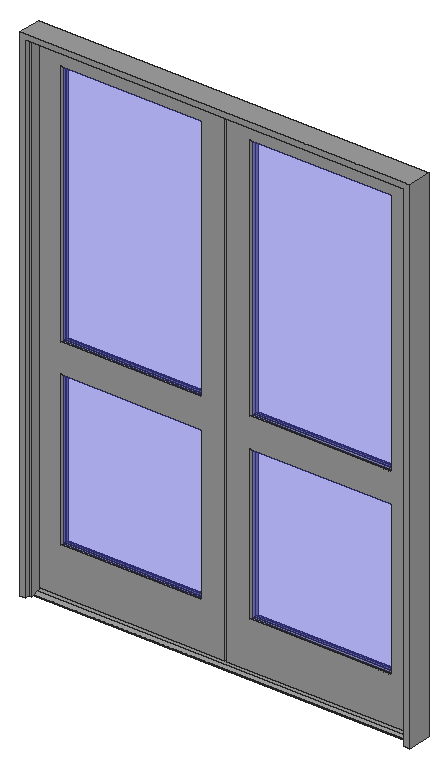
Revit family "MS-375 DOOR-Double-1-CW_v04", category Curtain Panels, Revit 2015
Parameters
  Width [instance] = 6' - 2"
  URL = "obe.com"
  Rough Width [instance] = 6' - 0"
  Panel Width [instance] = Min Panel Width  # 6' - 0"
  Panel Offset [instance] = 0' - 0"
  Offset [instance] = 0' - 0"
  Model = "MS-375 DOOR"
  Min Rough Width [instance] = if(Rough Width > 6' 1 255/256", Rough Width, 6' 2")  # 6' - 2"
  Min Panel Width [instance] = if(Rough Width > 6' 1 255/256", Rough Width - 0' 2", 6' 0")  # 6' - 0"
  Manufacturer = "Oldcastle BuildingEnvelope®"
  Keynote = "08 11 00"
  Hinge [instance] = yes
  Height [instance] = 8' - 0"
  Pushbar Height [instance] = 3' - 5 1/4"  # constant formula
  Glass Material = Glass
  Frame Material = Aluminum
  Door Panel Height [instance] = Height - 0' 0 5/8"  # 7' - 11 3/8"
  Description = "MS-375 - 1\" Door Infill"
  Assembly Code = "B2030"
  Analytic Construction = "<None>"
  8 Muntin [instance] = no
  6.5 Muntin [instance] = no
  10 Bottom Rail [instance] = not([8 Bottom Rail])  # no
  4 Muntin [instance] = yes
  8 Bottom Rail [instance] = yes
  1.875 Muntin [instance] = no
  0.5 Muntin [instance] = if(or([1.875 Muntin], [4 Muntin], [6.5 Muntin], [8 Muntin]), 1 = 2, 1 = 1)  # no
Reference planes (in)
  plane 1 "Front": y = 0
  plane 2: z = 0
  plane 3 "Center (Left/Right)": x = 0
  plane 4 "Left": x = -37
  plane 5 "Right": x = 37
  plane 6 "Top": z = 96
  plane 7 "Offset": y = 0
  plane 8: y = -1.28244
  plane 9: y = -1.28244
  plane 10: x = -37
  plane 11: x = 37
Forms (in)
  Sweep 1, solid, material "Aluminum" <- "Frame Material"
    path origin (0, 0, 0) x (-1, 0, 0) y (0, 0, 1)
      loop
        line (37, 0) -> (37, 96)
    profile origin (-37, 0, 48) x (1, 0, 0) y (0, 1, 0)
      loop
        line (1, -1.97) -> (1, 0) -> (0, 0) -> (0, -4.5) -> (1, -4.5) -> (1, -3.595) -> (1.5, -3.595) -> (1.5, -1.97) -> (1, -1.97)
  Sweep 2, solid, material "Aluminum" <- "Frame Material"
    path origin (0, 0, 0) x (-1, 0, 0) y (0, 0, 1)
      loop
        line (-37, 0) -> (-37, 96)
    profile origin (37, 0, 48) x (1, 0, 0) y (0, 1, 0)
      loop
        line (-1, -1.97) -> (-1.5, -1.97) -> (-1.5, -3.595) -> (-1, -3.595) -> (-1, -4.5) -> (0, -4.5) -> (0, 0) -> (-1, 0) -> (-1, -1.97)
  Extrusion 3, solid, material "Aluminum" <- "Frame Material"
    sketch origin (-37, 0, 0) x (0, -1, 0) y (0, 0, 1)
      loop
        line (1.97, 94.5) -> (3.595, 94.5) -> (3.595, 95) -> (4.5, 95) -> (4.5, 96) -> (0, 96) -> (0, 95) -> (1.97, 95) -> (1.97, 94.5)
    from -74 to 0
Cuts and joins
  joined: Sweep 1, Sweep 2, Extrusion 3
Text (in)
  text "Exterior" at (-54.29358, 31.38743, 0), in view "Ref. Level"
  text "Exterior" at (480, 41.53993, 89.60405), in view "Right"
  text "Exterior" at (-240, 57.82419, 105.78864), in view "Left"
Dimensions and locks (in)
  equal spacing: plane 4 "Left", plane 3 "Center (Left/Right)", plane 5 "Right"
  "Width": plane 4 "Left" to plane 5 "Right"
  "Height": plane 6 "Top" to plane 2
  "Offset": plane 1 "Front" to plane 7 "Offset"
  locked: plane 7 "Offset" to plane 8 at 1.28244
  locked: plane 7 "Offset" to plane 9 at 1.28244
  locked: plane 7 "Offset" to nested 4 at 1.28244
  Extrusion 3 sketch curve to Extrusion 3 sketch curve to Extrusion 3 sketch curve = 0' - 0 1/2" locked, 0' - 0" locked
  nested 1 to Extrusion 3 sketch curve to Extrusion 3 sketch curve to Extrusion 3 sketch curve to Extrusion 3 sketch curve = 0' - 0" locked, 0' - 1.97" locked, 0' - 1 5/8" locked, 0' - 0.905" locked
  locked: Extrusion 3 sketch curve to Extrusion 3 sketch curve at 1
  equal spacing: plane 10, plane 3 "Center (Left/Right)", plane 11
  "Min Rough Width": plane 10 to plane 11
  aligned and locked: level to plane 2
  aligned and locked: plane 3 "Center (Left/Right)" to nested 1
  aligned and locked: nested 1 to plane 7 "Offset"
  aligned and locked: nested 2 to plane 8
  aligned and locked: plane 9 to nested 3
  aligned and locked: plane 6 "Top" to Sweep 1 sketch curve
  aligned and locked: level to Sweep 1 sketch curve
  aligned and locked: plane 6 "Top" to Sweep 2 sketch curve
  aligned and locked: level to Sweep 2 sketch curve
  aligned and locked: plane 6 "Top" to nested 4
  aligned and locked: Extrusion 3 to plane 6 "Top"
  aligned and locked: Extrusion 3 sketch curve to plane 6 "Top"
  aligned and locked: nested 3 to plane 10
  aligned and locked: plane 11 to nested 2
  aligned and locked: Sweep 1 sketch curve to plane 10
  aligned and locked: plane 11 to Sweep 2 sketch curve
  aligned and locked: cut or joined group of Sweep 1, Sweep 2, Extrusion 3 to plane 11
  aligned and locked: cut or joined group of Sweep 1, Sweep 2, Extrusion 3 to plane 10
Automatic sketch dimensions
  Sweep 1 sketch curve to profile plane = 0' - 0"
  Sweep 1 sketch curve to plane 7 "Offset" = 0' - 0"
  Sweep 1 sketch curve to profile plane = 0' - 1"  (x2)
  Sweep 1 sketch curve to Sweep 1 sketch curve = 0' - 0 1/2"
  Sweep 1 sketch curve to plane 7 "Offset" = 0' - 1.97"
  Sweep 1 sketch curve to Sweep 1 sketch curve = 0' - 1 5/8"
  Sweep 1 sketch curve to Sweep 1 sketch curve = 0' - 0.905"
  Sweep 2 sketch curve to plane 7 "Offset" = 0' - 0"
  Sweep 2 sketch curve to profile plane = 0' - 0"
  profile plane to Sweep 2 sketch curve = 0' - 1"  (x2)
  Sweep 2 sketch curve to Sweep 2 sketch curve = 0' - 0 1/2"
  Sweep 2 sketch curve to plane 7 "Offset" = 0' - 1.97"
  Sweep 2 sketch curve to Sweep 2 sketch curve = 0' - 1 5/8"
  Sweep 2 sketch curve to Sweep 2 sketch curve = 0' - 0.905"
Nested families (in)
  nested 1: "MS-375 DOOR-Double-1-Panel_v03" at (0, -16, 0), Frame Material <- "Frame Material", Glass Material <- "Glass Material", 0.5 Muntin <- "0.5 Muntin", 1.875 Muntin <- "1.875 Muntin", 4 Muntin <- "4 Muntin", 6.5 Muntin <- "6.5 Muntin", 8 Muntin <- "8 Muntin", Hinge <- "Hinge", Height <- "Door Panel Height", Width <- "Min Panel Width", 8 Bottom Rail <- "8 Bottom Rail", Offset <- "Panel Offset", type "MS-375 DOOR-Double-1-Panel"
    with Wing Width 3' - 0", built-in parameter 1001301 6' - 0", Pushbar Height 3' - 5 1/4", Offset 0' - 0", Hinge yes, built-in parameter 1001300 7' - 11 3/8", Glass at Muntin 0' - 4 15/16", Glass Material Glass, Frame Material Aluminum, Bottom Rail 0' - 9 5/32", 8 Muntin no, 8 Bottom Rail yes, 6.5 Muntin no, 4 Muntin yes, 10 Bottom Rail no, 1.875 Muntin no, 0.5 Muntin no
  nested 2: "2.5x6-RTCIG CW-H8533-DHD-OHD SC-DI" at (37, -1.28244, 0) x (0, -1, 0) z (0, 0, 1), type "2.5x6-RTCIG CW-H8533-DHD-OHD SC-DI"
  nested 3: "2.5x6-RTCIG CW-H8533-DHD-OHD SC-DI" at (-37, -1.28244, 0) x (0, -1, 0) z (0, 0, 1), type "2.5x6-RTCIG CW-H8533-DHD-OHD SC-DI"
  nested 4: "2.5x6-RTCIG CW-H8533-DHD-OHD SC-DI" at (-33, -1.28244, 96) x (0, -1, 0) z (-1, 0, 0), type "2.5x6-RTCIG CW-H8533-DHD-OHD SC-DI"
Definition of nested family "MS-375 DOOR-Double-1-Panel_v03"
  Parameters (values of type "MS-375 DOOR-Double-1-Panel")
    Wing Width [instance] = Width / 2  # 2' - 6"
    Width [instance] = 5' - 0"
    Offset [instance] = 0' - 11"
    Hinge [instance] = yes
    Height [instance] = 8' - 0"
    Glass at Muntin [instance] = if([8 Muntin], 0' 8 15/16", if([6.5 Muntin], 0' 7 7/16", if([4 Muntin], 0' 4 15/16", if([1.875 Muntin], 0' 2 13/16", 0' 1 7/16"))))  # 0' - 4 15/16"
    Pushbar Height [instance] = 3' - 5 1/4"  # constant formula
    Glass Material [instance] = none
    Frame Material [instance] = none
    Bottom Rail [instance] = if([8 Bottom Rail], 0' 9 5/32", 0' 11 5/32")  # 0' - 11 5/32"
    8 Muntin [instance] = no
    6.5 Muntin [instance] = no
    10 Bottom Rail [instance] = not([8 Bottom Rail])  # yes
    4 Muntin [instance] = yes
    8 Bottom Rail [instance] = no
    1.875 Muntin [instance] = no
    0.5 Muntin [instance] = if(or([1.875 Muntin], [4 Muntin], [6.5 Muntin], [8 Muntin]), 1 = 2, 1 = 1)  # no
  Reference planes (in)
    plane 1 "00": y = 4.0625
    plane 2: z = 0
    plane 3 "Center (Left/Right)": x = 0
    plane 4: z = 96
    plane 5: x = -30
    plane 6: x = 30
    plane 7 "Center (Front/Back)": y = 16
    plane 8 "Exterior": y = 4.5625
    plane 9: z = 48
    plane 10: z = 92.96875
    plane 11: z = 11.15625
    plane 12: z = 43.71875
    plane 13: z = 38.78125
    plane 14: z = 91.99987
    plane 15: z = 0
    plane 16 "Offset": y = 5
    plane 17: z = 41.25
  Forms (in)
    Sweep 1, solid, material <- "Frame Material"
      path origin (0, 4.0625, 0) x (1, 0, 0) y (0, 0, 1)
        loop
          line (-29.798, 96) -> (-0.22004, 96)
      profile origin (-15.00902, 4.0625, 96) x (0, 0, 1) y (0, -1, 0)
        loop
          line (-0.53138, -0.875) -> (-0.53138, 0.875) -> (-2.77731, 0.875) -> (-4.28138, 0.875) -> (-4.28138, 0.5) -> (-4.00013, 0.5) -> (-4.00013, -0.5) -> (-4.28138, -0.5) -> (-4.28138, -0.875) -> (-2.77731, -0.875) -> (-0.53138, -0.875)
    Sweep 2, solid, material <- "Frame Material"
      path origin (0, 4.0625, 0) x (1, 0, 0) y (0, 0, 1)
        loop
          line (-0.22004, 0) -> (-29.798, 0)
      profile origin (-15.00902, 4.0625, 0) x (0, 0, -1) y (0, -1, 0)
        loop
          line (-7.18343, -0.875) -> (-0.6875, -0.875) -> (-0.6875, 0.875) -> (-7.18343, 0.875) -> (-11.4375, 0.875) -> (-11.4375, 0.5) -> (-11.15625, 0.5) -> (-11.15625, -0.5) -> (-11.4375, -0.5) -> (-11.4375, -0.875) -> (-7.18343, -0.875)
    Sweep 3, solid, material <- "Frame Material"
      path origin (0, 4.0625, 0) x (1, 0, 0) y (0, 0, 1)
        loop
          line (29.24042, 95.46862) -> (29.24042, 0.6875)
      profile origin (29.24042, 4.0625, 48.07806) x (0, -1, 0) y (1, 0, 0)
        loop
          line (-0.875, 0.55758) -> (-0.875, -1.45435) -> (-0.875, -3.83342) -> (-0.5, -3.83342) -> (-0.5, -3.55217) -> (0.5, -3.55217) -> (0.5, -3.83342) -> (0.875, -3.83342) -> (0.875, -1.45435) -> (0.875, 0.55758) -> (-0.875, 0.66658) -> (-0.875, 0.55758)
    Sweep 4, solid, material <- "Frame Material"
      path origin (0, 4.0625, 0) x (1, 0, 0) y (0, 0, 1)
        loop
          line (-29.25, 95.46862) -> (-29.25, 0.6875)
      profile origin (-29.25, 4.0625, 48.07806) x (0, -1, 0) y (1, 0, 0)
        loop
          line (-0.875, -0.657) -> (0.875, -0.548) -> (0.875, 1.46393) -> (0.875, 3.843) -> (0.5, 3.843) -> (0.5, 3.56175) -> (-0.5, 3.56175) -> (-0.5, 3.843) -> (-0.875, 3.843) -> (-0.875, 1.46393) -> (-0.875, -0.657)
    Sweep 5, solid, material <- "Frame Material"
      path origin (0, 4.0625, 0) x (1, 0, 0) y (0, 0, 1)
        loop
          line (-0.22004, 48) -> (-29.798, 48)
      profile origin (-15.00902, 4.0625, 48) x (0, 0, -1) y (0, -1, 0)
        loop
          line (4, -0.5) -> (4, -0.875) -> (9.5, -0.875) -> (9.5, -0.5) -> (9.21875, -0.5) -> (9.21875, 0.5) -> (9.5, 0.5) -> (9.5, 0.875) -> (4, 0.875) -> (4, 0.5) -> (4.28125, 0.5) -> (4.28125, -0.5) -> (4, -0.5)
    Sweep 6, solid, material <- "Frame Material"
      path origin (0, 4.0625, 0) x (1, 0, 0) y (0, 0, 1)
        loop
          line (0, 95.46862) -> (0, 0.6875)
      profile origin (0, 4.0625, 48.07806) x (0, -1, 0) y (1, 0, 0)
        loop
          line (-0.875, -0.22004) -> (-0.875, -2.18343) -> (-0.875, -4.5625) -> (-0.5, -4.5625) -> (-0.5, -4.28125) -> (0.5, -4.28125) -> (0.5, -4.5625) -> (0.875, -4.5625) -> (0.875, -2.18343) -> (0.875, -0.22004)
          arc (0.875, -0.22004) -> (0, -0.0625) -> (-0.875, -0.22004) r 2.50872
        loop
          arc (-0.875, 0.22004) -> (0, 0.0625) -> (0.875, 0.22004) r 2.50872
          line (0.875, 0.22004) -> (0.875, 2.18343) -> (0.875, 4.5625) -> (0.5, 4.5625) -> (0.5, 4.28125) -> (0.252, 4.28125) -> (-0.5, 4.28125) -> (-0.5, 4.5625) -> (-0.875, 4.5625) -> (-0.875, 2.18343) -> (-0.875, 0.22004)
    Sweep 7, solid, material <- "Frame Material"
      path origin (0, 4.0625, 0) x (1, 0, 0) y (0, 0, 1)
        loop
          line (0.22004, 96) -> (29.798, 96)
      profile origin (15.00902, 4.0625, 96) x (0, 0, 1) y (0, -1, 0)
        loop
          line (-0.53138, -0.875) -> (-0.53138, 0.875) -> (-2.77731, 0.875) -> (-4.28138, 0.875) -> (-4.28138, 0.5) -> (-4.00013, 0.5) -> (-4.00013, -0.5) -> (-4.28138, -0.5) -> (-4.28138, -0.875) -> (-2.77731, -0.875) -> (-0.53138, -0.875)
    Sweep 8, solid, material <- "Frame Material"
      path origin (0, 4.0625, 0) x (1, 0, 0) y (0, 0, 1)
        loop
          line (29.798, 48) -> (0.22004, 48)
      profile origin (15.00902, 4.0625, 48) x (0, 0, -1) y (0, -1, 0)
        loop
          line (4, -0.5) -> (4, -0.875) -> (9.49, -0.875) -> (9.49, -0.5) -> (9.21875, -0.5) -> (9.21875, 0.5) -> (9.49, 0.5) -> (9.49, 0.875) -> (4, 0.875) -> (4, 0.5) -> (4.28125, 0.5) -> (4.28125, -0.5) -> (4, -0.5)
    Sweep 9, solid, material <- "Frame Material"
      path origin (0, 4.0625, 0) x (1, 0, 0) y (0, 0, 1)
        loop
          line (29.798, 0) -> (0.22004, 0)
      profile origin (15.00902, 4.0625, 0) x (0, 0, -1) y (0, -1, 0)
        loop
          line (-3.49593, -0.875) -> (-0.6875, -0.875) -> (-0.6875, 0.875) -> (-3.49593, 0.875) -> (-11.4375, 0.875) -> (-11.4375, 0.5) -> (-11.15625, 0.5) -> (-11.15625, -0.5) -> (-11.4375, -0.5) -> (-11.4375, -0.875) -> (-3.49593, -0.875)
    Extrusion 10, solid, material <- "Glass Material", detail levels coarse
      sketch origin (0, 0, 0) x (1, 0, 0) y (0, 1, 0)
        loop
          line (4.28125, 4.5625) -> (4.28125, 3.5625) -> (25.68825, 3.5625) -> (25.68825, 4.5625) -> (4.28125, 4.5625)
      from 38.78125 to 11.15625
    Extrusion 11, solid, material <- "Glass Material", detail levels medium+fine
      sketch origin (0, 0, 0) x (1, 0, 0) y (0, 1, 0)
        loop
          line (4.28125, 3.5625) -> (25.68825, 3.5625) -> (25.68825, 3.8105) -> (4.28125, 3.8105) -> (4.28125, 3.5625)
        loop
          line (25.68825, 4.5625) -> (4.28125, 4.5625) -> (4.28125, 4.3145) -> (25.68825, 4.3145) -> (25.68825, 4.5625)
      from 11.15625 to 38.78125
    Extrusion 12, solid, material <- "Glass Material", detail levels medium+fine
      sketch origin (0, 0, 0) x (1, 0, 0) y (0, 1, 0)
        loop
          line (4.28125, 4.5625) -> (4.28125, 4.3145) -> (25.68825, 4.3145) -> (25.68825, 4.5625) -> (4.28125, 4.5625)
        loop
          line (25.68825, 3.5625) -> (25.68825, 3.8105) -> (4.28125, 3.8105) -> (4.28125, 3.5625) -> (25.68825, 3.5625)
      from 43.71875 to 91.99987
    Extrusion 13, solid, material <- "Glass Material", detail levels coarse
      sketch origin (0, 0, 0) x (1, 0, 0) y (0, 1, 0)
        loop
          line (4.28125, 4.5625) -> (4.28125, 3.5625) -> (25.68825, 3.5625) -> (25.68825, 4.5625) -> (4.28125, 4.5625)
      from 43.71875 to 91.99987
    Extrusion 14, solid, material <- "Glass Material", detail levels medium+fine
      sketch origin (0, 0, 0) x (1, 0, 0) y (0, 1, 0)
        loop
          line (-25.68825, 3.5625) -> (-4.28125, 3.5625) -> (-4.28125, 3.8105) -> (-25.68825, 3.8105) -> (-25.68825, 3.5625)
        loop
          line (-4.28125, 4.5625) -> (-25.68825, 4.5625) -> (-25.68825, 4.3145) -> (-4.28125, 4.3145) -> (-4.28125, 4.5625)
      from 11.15625 to 38.78125
    Extrusion 15, solid, material <- "Glass Material", detail levels coarse
      sketch origin (0, 0, 0) x (1, 0, 0) y (0, 1, 0)
        loop
          line (-25.68825, 4.5625) -> (-25.68825, 3.5625) -> (-4.31233, 3.5625) -> (-4.28125, 3.5625) -> (-4.28125, 4.5625) -> (-25.68825, 4.5625)
      from 43.71875 to 91.99987
    Extrusion 16, solid, material <- "Glass Material", detail levels coarse
      sketch origin (0, 0, 0) x (1, 0, 0) y (0, 1, 0)
        loop
          line (-25.68825, 4.5625) -> (-25.68825, 3.5625) -> (-4.28125, 3.5625) -> (-4.28125, 4.5625) -> (-25.68825, 4.5625)
      from 11.15625 to 38.78125
    Extrusion 17, solid, material <- "Glass Material", detail levels medium+fine
      sketch origin (0, 0, 0) x (1, 0, 0) y (0, 1, 0)
        loop
          line (-25.68825, 4.5625) -> (-25.68825, 4.3145) -> (-4.28125, 4.3145) -> (-4.28125, 4.5625) -> (-25.68825, 4.5625)
        loop
          line (-25.68825, 3.8105) -> (-25.68825, 3.5625) -> (-4.28125, 3.5625) -> (-4.28125, 3.8105) -> (-25.68825, 3.8105)
      from 43.71875 to 91.99987
    Sweep 18, solid, material <- "Frame Material"
      path origin (0, 5, 0) x (1, 0, 0) y (0, 0, 1)
        loop
          line (-29.798, 0) -> (29.798, 0)
      profile origin (0, 5, 0) x (0, 0, 1) y (0, -1, 0)
        loop
          line (0.5, 2.468) -> (0.19364, 3.125) -> (0, 3.125) -> (0, -0.875) -> (0.19364, -0.875) -> (0.5, -0.218) -> (0.5, 2.468)
  Cuts and joins
    joined: Sweep 1, Sweep 2, Sweep 3, Sweep 4, Sweep 5, Sweep 6, Sweep 7, Sweep 8, Sweep 9
  Lines and regions (in)
    model lines
      curve 1: line (4.5625, 4.5625, 91.71862) -> (25.68825, 4.5625, 48.02216)
      curve 2: line (25.68825, 4.5625, 48.02216) -> (4.5625, 4.5625, 11.4375)
      curve 3: line (-4.5625, 4.5625, 91.71862) -> (-25.407, 4.5625, 48)
      curve 4: line (-25.407, 4.5625, 48) -> (-4.5625, 4.5625, 11.4375)
  Dimensions and locks (in)
    "Height": plane 4 to level
    equal spacing: plane 5, plane 3 "Center (Left/Right)", plane 6
    "Width": plane 5 to plane 6
    plane 1 "00" to plane 8 "Exterior" to plane 16 "Offset" = 0' - 0 1/2" locked, 0' - 0 7/16" locked
    equal spacing: level, plane 9, plane 4
    locked: plane 3 "Center (Left/Right)" to Sweep 2 sketch curve at 0.22004
    locked: Sweep 3 sketch curve to plane 4 at 0.53138
    locked: Sweep 4 sketch curve to plane 4 at 0.53138
    locked: plane 3 "Center (Left/Right)" to Sweep 1 sketch curve at 0.22004
    locked: plane 3 "Center (Left/Right)" to Sweep 5 sketch curve at 0.22004
    locked: plane 4 to plane 10 at 3.03125
    locked: Sweep 7 sketch curve to plane 3 "Center (Left/Right)" at 0.22004
    locked: Sweep 8 sketch curve to plane 3 "Center (Left/Right)" at 0.22004
    locked: Sweep 9 sketch curve to plane 3 "Center (Left/Right)" at 0.22004
    locked: Sweep 6 sketch curve to plane 4 at 0.53138
    "Glass at Muntin": plane 12 to plane 13
    locked: plane 13 to Sweep 8 sketch curve at 0.27125  (x2)
    locked: Sweep 8 sketch curve to plane 12 at 0.28125  (x2)
    "Bottom Rail": plane 11 to plane 2
    locked: Sweep 9 sketch curve to plane 11 at 0.28125  (x2)
    locked: Sweep 2 sketch curve to plane 11 at 0.28125  (x2)
    locked: Sweep 5 sketch curve to plane 12 at 0.28125  (x2)
    locked: plane 13 to Sweep 5 sketch curve at 0.28125  (x2)
    equal spacing: plane 4, plane 9, plane 15
    locked: plane 14 to Sweep 7 sketch curve at 0.28125  (x2)
    locked: plane 4 to plane 14 at 4.00013
    Extrusion 14 sketch curve to Extrusion 14 sketch curve to plane 1 "00" to Extrusion 14 sketch curve to Extrusion 14 sketch curve = 0' - 0.248" locked, 0' - 0.252" locked, 0' - 0.252" locked, 0' - 0.248" locked
    Extrusion 16 sketch curve to plane 1 "00" to Extrusion 16 sketch curve = 0' - 0 1/2" locked, 0' - 0 1/2" locked
    Extrusion 17 sketch curve to Extrusion 17 sketch curve to plane 1 "00" to Extrusion 17 sketch curve to Extrusion 17 sketch curve = 0' - 0.248" locked, 0' - 0.252" locked, 0' - 0.252" locked, 0' - 0.248" locked
    Extrusion 15 sketch curve to plane 1 "00" to Extrusion 15 sketch curve = 0' - 0 1/2" locked, 0' - 0 1/2" locked
    Extrusion 13 sketch curve to plane 1 "00" to Extrusion 13 sketch curve = 0' - 0 1/2" locked, 0' - 0 1/2" locked
    Extrusion 12 sketch curve to Extrusion 12 sketch curve to plane 1 "00" to Extrusion 12 sketch curve to Extrusion 12 sketch curve = 0' - 0.248" locked, 0' - 0.252" locked, 0' - 0.252" locked, 0' - 0.248" locked
    Extrusion 11 sketch curve to Extrusion 11 sketch curve to plane 1 "00" to Extrusion 11 sketch curve to Extrusion 11 sketch curve = 0' - 0.248" locked, 0' - 0.252" locked, 0' - 0.252" locked, 0' - 0.248" locked
    Extrusion 10 sketch curve to plane 1 "00" to Extrusion 10 sketch curve = 0' - 0 1/2" locked, 0' - 0 1/2" locked
    "Offset": plane 16 "Offset" to plane 7 "Center (Front/Back)"
    locked: plane 1 "00" to nested 1 at 0.02734
    equal spacing: plane 12, plane 17, plane 13
    "Pushbar Height": plane 17 to plane 15
    locked: plane 6 to Sweep 18 sketch curve at 0.202
    locked: Sweep 18 sketch curve to plane 5 at 0.202
    locked: Sweep 4 sketch curve to plane 15 at 0.6875
    locked: Sweep 6 sketch curve to plane 15 at 0.6875
    locked: Sweep 3 sketch curve to plane 15 at 0.6875
    aligned and locked: plane 2 to level
    aligned and locked: plane 3 "Center (Left/Right)" to nested 1
    aligned and locked: Sweep 1 sketch curve to plane 4
    aligned and locked: Sweep 2 sketch curve to level
    aligned and locked: level to nested 2
    aligned and locked: nested 2 to plane 1 "00"
    aligned and locked: Sweep 5 sketch curve to plane 9
    aligned and locked: plane 3 "Center (Left/Right)" to Sweep 6 sketch curve
    aligned and locked: Sweep 9 sketch curve to level
    aligned and locked: Sweep 8 sketch curve to plane 9
    aligned and locked: plane 4 to Sweep 7 sketch curve
    aligned and locked: Sweep 8 sketch curve to plane 12
    aligned and locked: plane 13 to Sweep 8 sketch curve
    aligned and locked: plane 11 to cut or joined group of Sweep 1, Sweep 2, Sweep 3, Sweep 4, Sweep 5, Sweep 6, Sweep 7, Sweep 8, Sweep 9
    aligned and locked: Extrusion 14 to plane 11
    aligned and locked: plane 13 to Extrusion 14
    aligned and locked: Extrusion 15 to plane 12
    aligned and locked: plane 14 to Extrusion 15
    aligned and locked: Extrusion 17 to plane 12
    aligned and locked: plane 14 to Extrusion 17
    aligned and locked: Extrusion 16 to plane 11
    aligned and locked: plane 13 to Extrusion 16
    aligned and locked: cut or joined group of Sweep 1, Sweep 2, Sweep 3, Sweep 4, Sweep 5, Sweep 6, Sweep 7, Sweep 8, Sweep 9 to plane 13
    aligned and locked: Extrusion 12 to plane 12
    aligned and locked: plane 12 to cut or joined group of Sweep 1, Sweep 2, Sweep 3, Sweep 4, Sweep 5, Sweep 6, Sweep 7, Sweep 8, Sweep 9
    aligned and locked: cut or joined group of Sweep 1, Sweep 2, Sweep 3, Sweep 4, Sweep 5, Sweep 6, Sweep 7, Sweep 8, Sweep 9 to plane 14
    aligned and locked: plane 14 to Extrusion 12
    aligned and locked: plane 14 to Extrusion 13
    aligned and locked: Extrusion 13 to plane 12
    aligned and locked: plane 13 to Extrusion 10
    aligned and locked: plane 13 to Extrusion 11
    aligned and locked: Extrusion 11 to plane 11
    aligned and locked: Extrusion 10 to plane 11
    aligned and locked: Sweep 7 sketch curve to plane 14
    aligned and locked: cut or joined group of Sweep 1, Sweep 2, Sweep 3, Sweep 4, Sweep 5, Sweep 6, Sweep 7, Sweep 8, Sweep 9 to curve 2
    aligned and locked: curve 3 to cut or joined group of Sweep 1, Sweep 2, Sweep 3, Sweep 4, Sweep 5, Sweep 6, Sweep 7, Sweep 8, Sweep 9
    aligned and locked: cut or joined group of Sweep 1, Sweep 2, Sweep 3, Sweep 4, Sweep 5, Sweep 6, Sweep 7, Sweep 8, Sweep 9 to curve 4
    aligned and locked: cut or joined group of Sweep 1, Sweep 2, Sweep 3, Sweep 4, Sweep 5, Sweep 6, Sweep 7, Sweep 8, Sweep 9 to curve 1
    aligned and locked: plane 9 to curve 3
    aligned and locked: plane 12 to Sweep 5 sketch curve
    aligned and locked: Sweep 5 sketch curve to plane 13
    aligned and locked: Extrusion 15 to nested 1
    aligned and locked: Extrusion 12 to nested 1
    aligned and locked: Extrusion 11 to nested 1
    aligned and locked: Extrusion 14 to nested 1
    aligned and locked: Sweep 18 sketch curve to plane 15
  Automatic sketch dimensions
    Sweep 1 sketch curve to plane 1 "00" = 0' - 0 1/2"
    profile plane to Sweep 1 sketch curve = 0' - 4.28138"
    Sweep 1 sketch curve to Sweep 1 sketch curve = 0' - 0"
    Sweep 1 sketch curve to Sweep 1 sketch curve = 0' - 0 9/32"
    Sweep 1 sketch curve to Sweep 1 sketch curve = 0' - 1.22282"  (x2)
    profile plane to Sweep 1 sketch curve = 0' - 0.53138"
    Sweep 1 sketch curve to plane 1 "00" = 0' - 0 7/8"
    plane 1 "00" to Sweep 1 sketch curve = 0' - 0 1/2"
    Sweep 1 sketch curve to Sweep 1 sketch curve = 0' - 0 3/8"
    Sweep 5 sketch curve to plane 1 "00" = 0' - 0 7/8"
    Sweep 5 sketch curve to plane 1 "00" = 0' - 0 1/2"
    plane 1 "00" to Sweep 5 sketch curve = 0' - 0 1/2"  (x2)
    Sweep 5 sketch curve to Sweep 5 sketch curve = 0' - 0 3/8"  (x2)
    plane 1 "00" to Sweep 2 sketch curve = 0' - 0 7/8"
    plane 1 "00" to Sweep 2 sketch curve = 0' - 0 1/2"
    Sweep 2 sketch curve to Sweep 2 sketch curve = 0' - 3.97282"
    Sweep 2 sketch curve to Sweep 2 sketch curve = 0' - 0 9/32"
    Sweep 2 sketch curve to plane 1 "00" = 0' - 0 1/2"
    Sweep 2 sketch curve to Sweep 2 sketch curve = 0' - 0"
    Sweep 4 sketch curve to plane 1 "00" = 0' - 0 7/8"
    Sweep 4 sketch curve to Sweep 4 sketch curve = 0' - 0 3/8"  (x2)
    plane 1 "00" to Sweep 4 sketch curve = 0' - 0 1/2"
    profile plane to Sweep 4 sketch curve = 0' - 0.657"
    Sweep 4 sketch curve to Sweep 4 sketch curve = 0' - 2.12093"
    Sweep 4 sketch curve to Sweep 4 sketch curve = 0' - 0"
    Sweep 4 sketch curve to Sweep 4 sketch curve = 0' - 2.09782"
    Sweep 4 sketch curve to Sweep 4 sketch curve = 0' - 0 9/32"  (x2)
    profile plane to Sweep 4 sketch curve = 0' - 0.548"
    plane 1 "00" to Sweep 6 sketch curve = 0' - 0"  (x2)
    Sweep 6 sketch curve to plane 1 "00" = 0' - 0 1/2"
    Sweep 6 sketch curve to plane 1 "00" = 0' - 0 7/8"  (x2)
    plane 1 "00" to Sweep 6 sketch curve = 0' - 0.252"
    Sweep 6 sketch curve to Sweep 6 sketch curve = 0' - 0.248"
    plane 1 "00" to Sweep 6 sketch curve = 0' - 0 1/2"
    Sweep 6 sketch curve to Sweep 6 sketch curve = 0' - 0 3/8"  (x3)
    profile plane to Sweep 6 sketch curve = 0' - 4 9/16"
    Sweep 6 sketch curve to Sweep 6 sketch curve = 0' - 0"  (x2)
    Sweep 6 sketch curve to Sweep 6 sketch curve = 0' - 0 9/32"  (x3)
    Sweep 6 sketch curve to Sweep 6 sketch curve = 0' - 1.71003"  (x2)
    Sweep 6 sketch curve to Sweep 6 sketch curve = 0' - 0.38779"  (x3)
    profile plane to Sweep 6 sketch curve = 0' - 0.22004"
    Sweep 6 sketch curve to profile plane = 0' - 0.22004"
    Sweep 6 sketch curve to Sweep 6 sketch curve = 0' - 1.96339"
    Sweep 3 sketch curve to plane 1 "00" = 0' - 0 7/8"
    Sweep 3 sketch curve to Sweep 3 sketch curve = 0' - 0 3/8"
    plane 1 "00" to Sweep 3 sketch curve = 0' - 0 1/2"
    plane 1 "00" to Sweep 3 sketch curve = 0' - 0 7/8"
    profile plane to Sweep 3 sketch curve = 0' - 3.83342"
    Sweep 3 sketch curve to Sweep 3 sketch curve = 0' - 0"  (x2)
    Sweep 3 sketch curve to Sweep 3 sketch curve = 0' - 0 9/32"
    Sweep 3 sketch curve to Sweep 3 sketch curve = 0' - 2.09782"
    Sweep 3 sketch curve to profile plane = 0' - 0.55758"  (x2)
    Sweep 3 sketch curve to Sweep 3 sketch curve = 0' - 0.109"
    Sweep 7 sketch curve to plane 1 "00" = 0' - 0 1/2"
    Sweep 7 sketch curve to Sweep 7 sketch curve = 0' - 1.22282"  (x2)
    profile plane to Sweep 7 sketch curve = 0' - 0.53138"
    Sweep 7 sketch curve to plane 1 "00" = 0' - 0 7/8"
    plane 1 "00" to Sweep 7 sketch curve = 0' - 0 1/2"
    Sweep 7 sketch curve to Sweep 7 sketch curve = 0' - 0 3/8"
    plane 1 "00" to Sweep 8 sketch curve = 0' - 0 7/8"
    Sweep 8 sketch curve to plane 1 "00" = 0' - 0 1/2"  (x2)
    Sweep 8 sketch curve to Sweep 8 sketch curve = 0' - 0 3/8"  (x3)
    Sweep 9 sketch curve to plane 1 "00" = 0' - 0 7/8"
    Sweep 9 sketch curve to plane 1 "00" = 0' - 0 1/2"
    Sweep 9 sketch curve to Sweep 9 sketch curve = 0' - 0 9/32"
    plane 1 "00" to Sweep 9 sketch curve = 0' - 0 1/2"
    Sweep 9 sketch curve to Sweep 9 sketch curve = 0' - 0"
    Sweep 9 sketch curve to Sweep 9 sketch curve = 0' - 0 3/8"
    plane 3 "Center (Left/Right)" to Extrusion 10 sketch curve = 0' - 4 9/32"
    plane 3 "Center (Left/Right)" to Extrusion 11 sketch curve = 0' - 4 9/32"
    Extrusion 11 sketch curve to Extrusion 11 sketch curve = 0' - 0"  (x2)
    plane 3 "Center (Left/Right)" to Extrusion 13 sketch curve = 0' - 4 9/32"
    plane 3 "Center (Left/Right)" to Extrusion 12 sketch curve = 0' - 4 9/32"
    Extrusion 12 sketch curve to Extrusion 12 sketch curve = 0' - 0"  (x2)
    Extrusion 14 sketch curve to Extrusion 14 sketch curve = 0' - 0"  (x2)
    Extrusion 14 sketch curve to plane 3 "Center (Left/Right)" = 0' - 4 9/32"
    Extrusion 15 sketch curve to plane 3 "Center (Left/Right)" = 0' - 4.31233"
    Extrusion 15 sketch curve to Extrusion 15 sketch curve = 0' - 0.03108"
    Extrusion 16 sketch curve to plane 3 "Center (Left/Right)" = 0' - 4 9/32"
    Extrusion 17 sketch curve to Extrusion 17 sketch curve = 0' - 0"  (x2)
    Extrusion 17 sketch curve to plane 3 "Center (Left/Right)" = 0' - 4 9/32"
    curve 1 to plane 14 = 0' - 0 9/32"
    plane 3 "Center (Left/Right)" to curve 1 = 0' - 4 9/16"
    plane 9 to curve 2 = 0' - 0.02216"
    plane 11 to curve 4 = 0' - 0 9/32"
    plane 11 to curve 2 = 0' - 0 9/32"
    curve 3 to plane 14 = 0' - 0 9/32"
    plane 5 to Sweep 1 sketch curve = 0' - 0.202"
    plane 5 to Sweep 2 sketch curve = 0' - 0.202"
    Sweep 3 sketch curve to plane 6 = 0' - 0.75958"
    plane 5 to Sweep 4 sketch curve = 0' - 0 3/4"
    plane 5 to Sweep 5 sketch curve = 0' - 0.202"
    Sweep 7 sketch curve to plane 6 = 0' - 0.202"
    Sweep 8 sketch curve to plane 6 = 0' - 0.202"
    Sweep 9 sketch curve to plane 6 = 0' - 0.202"
    Extrusion 10 sketch curve to plane 6 = 0' - 4.31175"
    Extrusion 11 sketch curve to plane 6 = 0' - 4.31175"
    Extrusion 12 sketch curve to plane 6 = 0' - 4.31175"
    Extrusion 13 sketch curve to plane 6 = 0' - 4.31175"
    plane 5 to Extrusion 14 sketch curve = 0' - 4.31175"
    plane 5 to Extrusion 15 sketch curve = 0' - 4.31175"
    plane 5 to Extrusion 16 sketch curve = 0' - 4.31175"
    plane 5 to Extrusion 17 sketch curve = 0' - 4.31175"
    plane 5 to curve 3 = 0' - 4.593"
    Sweep 2 sketch curve to plane 1 "00" = 0' - 0 7/8"
    profile plane to Sweep 2 sketch curve = 0' - 0 11/16"
    Sweep 9 sketch curve to Sweep 9 sketch curve = 0' - 2.80843"
    profile plane to Sweep 9 sketch curve = 0' - 3.49593"
    Sweep 18 sketch curve to plane 16 "Offset" = 0' - 0.218"
    Sweep 18 sketch curve to profile plane = 0' - 0 1/2"
    plane 16 "Offset" to Sweep 18 sketch curve = 0' - 2.468"
    Sweep 18 sketch curve to profile plane = 0' - 0.19364"  (x2)
    Sweep 18 sketch curve to Sweep 18 sketch curve = 0' - 0.657"  (x2)
    profile plane to Sweep 18 sketch curve = 0' - 0"
  Nested families (in)
    nested 1: "MS-375 DOOR-Double-1-Plan View" at (0, 4.08984, 0), Width <- "Width", Wing Width <- "Wing Width", Hinge <- "Hinge", type "MS-375 DOOR-Double-1-Plan View"
      with Wing Width 2' - 6", Width 5' - 0", Hinge yes
    nested 2: "MS-375 DOOR-Double-1-Section_v02" at (0, 4.0625, 0) x (0, -1, 0) z (1, 0, 0), Height <- "Height", 0.5 Muntin <- "0.5 Muntin", 1.875 Muntin <- "1.875 Muntin", 4 Muntin <- "4 Muntin", 6.5 Muntin <- "6.5 Muntin", 8 Muntin <- "8 Muntin", 8 Bottom Rail <- "8 Bottom Rail", type "MS-375 DOOR-Double-1-Section_v02"
      with Pushbar Height 3' - 5 1/4", Height 8' - 0", Glass at Muntins 0' - 4 15/16", Bottom Rail 0' - 11 5/32", 8 Muntin no, 8 Bottom Rail no, 6.5 Muntin no, 4 Muntin yes, 10 Bottom Rail yes, 1.875 Muntin no, 0.5 Muntin no
  Definition of nested family "MS-375 DOOR-Double-1-Plan View"
    Parameters (values of type "MS-375 DOOR-Double-1-Plan View")
      Wing Width [instance] = Width / 2  # 2' - 6"
      Width [instance] = 5' - 0"
      Hinge [instance] = yes
    Reference planes (in)
      plane 1 "Center (Front/Back)": y = 0
      plane 2: z = 0
      plane 3 "Center (Left/Right)": x = 0
      plane 4: x = -30
      plane 5: x = 30
      plane 6: x = -28.68437
      plane 7: x = 28.68437
    Lines and regions (in)
      detail lines, in view "Ref. Level"
        curve 1: arc (0.0625, 0, 0) -> (7.90017, 20.19533, 0) -> (27.30937, 29.81634, 0) r 29.9375
        curve 2: arc (-0.0625, 0, 0) -> (-7.90017, 20.19533, 0) -> (-27.30937, 29.81634, 0) r 29.9375
        curve 3: line (-29.18437, 25.71875, 0) -> (-29.18437, 5.66175, 0)
        curve 12: line (-28.18437, 25.71875, 0) -> (-28.18437, 5.66175, 0)
        curve 21: line (28.18437, 25.71875, 0) -> (28.18437, 5.66175, 0)
        curve 30: line (29.18437, 25.71875, 0) -> (29.18437, 5.66175, 0)
      detail lines, in view "Ref. Level", detail levels fine
        curve 4: line (-29.12237, 25.71875, 0) -> (-29.12237, 5.66175, 0)
        curve 5: line (-29.06037, 25.71875, 0) -> (-29.06037, 5.66175, 0)
        curve 6: line (-28.99837, 25.71875, 0) -> (-28.99837, 5.66175, 0)
        curve 9: line (-28.37037, 25.71875, 0) -> (-28.37037, 5.66175, 0)
        curve 10: line (-28.30837, 25.71875, 0) -> (-28.30837, 5.66175, 0)
        curve 11: line (-28.24637, 25.71875, 0) -> (-28.24637, 5.66175, 0)
        curve 22: line (28.24637, 25.71875, 0) -> (28.24637, 5.66175, 0)
        curve 23: line (28.30837, 25.71875, 0) -> (28.30837, 5.66175, 0)
        curve 24: line (28.37037, 25.71875, 0) -> (28.37037, 5.66175, 0)
        curve 27: line (28.99837, 25.71875, 0) -> (28.99837, 5.66175, 0)
        curve 28: line (29.06037, 25.71875, 0) -> (29.06037, 5.66175, 0)
        curve 29: line (29.12237, 25.71875, 0) -> (29.12237, 5.66175, 0)
      detail lines, in view "Ref. Level", detail levels medium+fine
        curve 7: line (-28.93637, 25.71875, 0) -> (-28.93637, 5.66175, 0)
        curve 8: line (-28.43237, 25.71875, 0) -> (-28.43237, 5.66175, 0)
        curve 25: line (28.43237, 25.71875, 0) -> (28.43237, 5.66175, 0)
        curve 26: line (28.93637, 25.71875, 0) -> (28.93637, 5.66175, 0)
      detail lines, in view "Ref. Level", not visible
        curve 13: line (-25.68825, 0.5, 0) -> (-4.28125, 0.5, 0)
        curve 14: line (-25.68825, -0.252, 0) -> (-4.28125, -0.252, 0)
        curve 15: line (-25.68825, -0.5, 0) -> (-4.28125, -0.5, 0)
        curve 16: line (-25.68825, 0.252, 0) -> (-4.28125, 0.252, 0)
        curve 17: line (4.28125, 0.5, 0) -> (25.68825, 0.5, 0)
        curve 18: line (25.68825, 0.252, 0) -> (4.28125, 0.252, 0)
        curve 19: line (4.28125, -0.252, 0) -> (25.68825, -0.252, 0)
        curve 20: line (25.68825, -0.5, 0) -> (4.28125, -0.5, 0)
    Dimensions and locks (in)
      equal spacing: plane 4, plane 3 "Center (Left/Right)", plane 5
      "Wing Width": plane 1 "Center (Front/Back)" to nested 3
      "Wing Width": plane 1 "Center (Front/Back)" to nested 4
      locked: plane 1 "Center (Front/Back)" to nested 6 at 0.9
      locked: nested 7 to plane 1 "Center (Front/Back)" at 0.9
      locked: plane 4 to plane 6 at 1.31563
      locked: plane 7 to plane 5 at 1.31563
      "Width": plane 4 to plane 5
      plane 5 to nested 8 to nested 5 = 0' - 2 1/4" locked, 0' - 0" locked
      nested 10 to nested 9 to plane 4 = 0' - 0" locked, 0' - 2 1/4" locked
      aligned and locked: plane 3 "Center (Left/Right)" to nested 1
      aligned and locked: nested 1 to plane 1 "Center (Front/Back)"
      aligned and locked: plane 3 "Center (Left/Right)" to nested 2
      aligned and locked: nested 2 to plane 1 "Center (Front/Back)"
      aligned and locked: plane 1 "Center (Front/Back)" to nested 5
      aligned and locked: nested 4 to curve 3
      aligned and locked: nested 4 to curve 4
      aligned and locked: nested 4 to curve 5
      aligned and locked: nested 4 to curve 6
      aligned and locked: nested 4 to curve 7
      aligned and locked: nested 4 to curve 8
      aligned and locked: nested 4 to curve 9
      aligned and locked: nested 4 to curve 10
      aligned and locked: nested 4 to curve 11
      aligned and locked: nested 4 to curve 12
      aligned and locked: nested 7 to curve 3
      aligned and locked: nested 7 to curve 4
      aligned and locked: nested 7 to curve 5
      aligned and locked: nested 7 to curve 6
      aligned and locked: nested 7 to curve 7
      aligned and locked: nested 7 to curve 8
      aligned and locked: nested 7 to curve 9
      aligned and locked: nested 7 to curve 10
      aligned and locked: nested 7 to curve 11
      aligned and locked: curve 12 to nested 7
      aligned and locked: curve 13 to nested 1
      aligned and locked: nested 1 to curve 16
      aligned and locked: nested 1 to curve 14
      aligned and locked: nested 1 to curve 15
      aligned and locked: curve 17 to nested 2
      aligned and locked: nested 2 to curve 18
      aligned and locked: nested 2 to curve 19
      aligned and locked: nested 2 to curve 20
      aligned and locked: nested 5 to curve 17
      aligned and locked: nested 5 to curve 18
      aligned and locked: nested 5 to curve 19
      aligned and locked: curve 20 to nested 5
      aligned and locked: nested 3 to curve 21
      aligned and locked: nested 3 to curve 22
      aligned and locked: nested 3 to curve 23
      aligned and locked: nested 3 to curve 24
      aligned and locked: nested 3 to curve 25
      aligned and locked: nested 3 to curve 26
      aligned and locked: nested 3 to curve 27
      aligned and locked: nested 3 to curve 28
      aligned and locked: nested 3 to curve 29
      aligned and locked: nested 3 to curve 30
      aligned and locked: nested 3 to nested 3  (x2)
      aligned and locked: curve 21 to nested 6
      aligned and locked: nested 6 to curve 22
      aligned and locked: nested 6 to curve 23
      aligned and locked: nested 6 to curve 24
      aligned and locked: nested 6 to curve 25
      aligned and locked: nested 6 to curve 26
      aligned and locked: nested 6 to curve 27
      aligned and locked: nested 6 to curve 28
      aligned and locked: nested 6 to curve 29
      aligned and locked: nested 6 to curve 30
      aligned and locked: nested 6 to nested 6  (x3)
      aligned and locked: plane 1 "Center (Front/Back)" to nested 9
      aligned and locked: nested 8 to plane 1 "Center (Front/Back)"
      aligned and locked: nested 10 to nested 10  (x3)
      aligned and locked: nested 4 to plane 6
      aligned and locked: plane 6 to nested 7
      aligned and locked: nested 10 to plane 1 "Center (Front/Back)"
      aligned and locked: nested 3 to plane 7
      aligned and locked: plane 7 to nested 6
      aligned and locked: curve 15 to nested 10
    Automatic sketch dimensions
      plane 1 "Center (Front/Back)" to curve 2 = 0' - 0"
      curve 2 to plane 4 = 0' - 0"
      plane 1 "Center (Front/Back)" to curve 1 = 0' - 0"
      curve 1 to plane 5 = 0' - 0"
      plane 4 to curve 2 = 0' - 2.69063"
      curve 3 to curve 4 = 0' - 0.062"
      curve 4 to curve 5 = 0' - 0.062"
      curve 5 to curve 6 = 0' - 0.062"
      curve 6 to curve 7 = 0' - 0.062"
      curve 7 to curve 8 = 0' - 0.504"
      curve 8 to curve 9 = 0' - 0.062"
      curve 9 to curve 10 = 0' - 0.062"
      curve 10 to curve 11 = 0' - 0.062"
      curve 11 to curve 12 = 0' - 0.062"
      curve 16 to plane 1 "Center (Front/Back)" = 0' - 0.252"
      curve 12 to curve 16 = 0' - 2.49612"
      curve 16 to curve 15 = 0' - 0"
      curve 13 to curve 16 = 0' - 0"
      curve 14 to curve 15 = 0' - 0"
      curve 2 to plane 3 "Center (Left/Right)" = 0' - 0 1/16"
      plane 3 "Center (Left/Right)" to curve 1 = 0' - 0 1/16"
      curve 21 to plane 5 = 0' - 1.81563"
      curve 21 to curve 22 = 0' - 0.062"
      curve 22 to curve 23 = 0' - 0.062"
      curve 23 to curve 24 = 0' - 0.062"
      curve 24 to curve 25 = 0' - 0.062"
      curve 25 to curve 26 = 0' - 0.504"
      curve 26 to curve 27 = 0' - 0.062"
      curve 27 to curve 28 = 0' - 0.062"
      curve 28 to curve 29 = 0' - 0.062"
      curve 29 to curve 30 = 0' - 0.062"
      curve 1 to plane 5 = 0' - 2.69063"
      plane 1 "Center (Front/Back)" to curve 14 = 0' - 0.252"
      plane 1 "Center (Front/Back)" to curve 19 = 0' - 0.252"
      curve 15 to curve 14 = 0' - 0.248"
      curve 20 to curve 19 = 0' - 0.248"
      curve 18 to plane 1 "Center (Front/Back)" = 0' - 0.252"
      curve 16 to curve 13 = 0' - 0.248"
      curve 18 to curve 17 = 0' - 0.248"
    Nested families (in)
      nested 1: "M STILE L-DI" at (0, 0, 0) x (-1, 0, 0) z (0, 0, 1), type "M STILE L-DI", in view "Ref. Level", not visible
      nested 2: "M STILE R-DI" at (0, 0, 0) x (-1, 0, 0) z (0, 0, 1), type "M STILE R-DI", in view "Ref. Level", not visible
      nested 3: "M STILE R-DI" at (28.68437, 30, 0) x (0, 1, 0) z (0, 0, 1), type "M STILE R-DI", in view "Ref. Level"
      nested 4: "M STILE R-DI" at (-28.68437, 30, 0) x (0, 1, 0) z (0, 0, 1), type "M STILE R-DI", in view "Ref. Level"
      nested 5: "HINGE-HD-DI" at (32.25, 0, 0), type "HINGE-HD-DI", in view "Ref. Level", not visible
      nested 6: "HINGE-HD-DI" at (28.68437, -0.9, 0) x (0, -1, 0) z (0, 0, 1), type "HINGE-HD-DI", in view "Ref. Level"
      nested 7: "HINGE-HD-DI" at (-28.68437, -0.9, 0) x (0, -1, 0) z (0, 0, 1), type "HINGE-HD-DI", in view "Ref. Level"
      nested 8: "Hinge_Fine 1" at (32.25, 0, 0) x (-1, 0, 0) z (0, 0, 1), visible <- "Hinge", type "Hinge_Fine 1", in view "Ref. Level"
      nested 9: "Hinge_Fine 1" at (-32.25, 0, 0), visible <- "Hinge", type "Hinge_Fine 1", in view "Ref. Level"
      nested 10: "HINGE-HD-DI" at (-32.25, 0, 0) x (-1, 0, 0) z (0, 0, 1), type "HINGE-HD-DI", in view "Ref. Level", not visible
    Definition of nested family "M STILE L-DI"
      Reference planes (in)
        plane 1 "Center (Front/Back)": y = 0
        plane 2: z = 0
        plane 3 "Center (Left/Right)": x = 0
      Lines and regions (in)
        detail lines, in view "Ref. Level"
          curve 1: line (4.5625, 0.875, 0) -> (4.5625, 0.5, 0)
          curve 2: line (4.5625, 0.5, 0) -> (4.28125, 0.5, 0)
          curve 3: line (4.28125, 0.5, 0) -> (4.28125, -0.5, 0)
          curve 4: line (4.28125, -0.5, 0) -> (4.5625, -0.5, 0)
          curve 5: line (4.5625, -0.5, 0) -> (4.5625, -0.875, 0)
          curve 6: line (4.5625, -0.875, 0) -> (0.22063, -0.875, 0)
          curve 7: line (0.22063, 0.875, 0) -> (4.5625, 0.875, 0)
          curve 8: arc (0.22063, 0.875, 0) -> (0.0625, 0, 0) -> (0.22063, -0.875, 0) r 2.5
    Definition of nested family "M STILE R-DI"
      Reference planes (in)
        plane 1 "Center (Front/Back)": y = 0
        plane 2: z = 0
        plane 3 "Center (Left/Right)": x = 0
      Lines and regions (in)
        detail lines, in view "Ref. Level"
          curve 1: line (-4.5625, 0.875, 0) -> (-4.5625, 0.5, 0)
          curve 2: line (-4.5625, 0.5, 0) -> (-4.28125, 0.5, 0)
          curve 3: line (-4.28125, 0.5, 0) -> (-4.28125, -0.5, 0)
          curve 4: line (-4.28125, -0.5, 0) -> (-4.5625, -0.5, 0)
          curve 5: line (-4.5625, -0.5, 0) -> (-4.5625, -0.875, 0)
          curve 6: line (-4.5625, -0.875, 0) -> (-0.22063, -0.875, 0)
          curve 7: line (-0.22063, 0.875, 0) -> (-4.5625, 0.875, 0)
          curve 8: arc (-0.22063, 0.875, 0) -> (-0.0625, 0, 0) -> (-0.22063, -0.875, 0) r 2.5
    Definition of nested family "HINGE-HD-DI"
      Reference planes (in)
        plane 1 "Center (Front/Back)": y = 0
        plane 2: z = 0
        plane 3 "Center (Left/Right)": x = 0
      Lines and regions (in)
        detail lines, in view "Ref. Level"
          curve 1: line (-2.452, 0.875, 0) -> (-6.843, 0.875, 0)
          curve 2: line (-6.843, 0.875, 0) -> (-6.843, 0.5, 0)
          curve 3: line (-6.843, 0.5, 0) -> (-6.56175, 0.5, 0)
          curve 4: line (-6.56175, 0.5, 0) -> (-6.56175, -0.5, 0)
          curve 5: line (-6.56175, -0.5, 0) -> (-6.843, -0.5, 0)
          curve 6: line (-6.843, -0.5, 0) -> (-6.843, -0.875, 0)
          curve 7: line (-6.843, -0.875, 0) -> (-2.343, -0.875, 0)
          curve 8: line (-2.343, -0.875, 0) -> (-2.452, 0.875, 0)
    Definition of nested family "Hinge_Fine 1"
      Reference planes (in)
        plane 1 "Center (Front/Back)": y = 0
        plane 2: z = 0
        plane 3 "Center (Left/Right)": x = 0
  Definition of nested family "MS-375 DOOR-Double-1-Section_v02"
    Parameters (values of type "MS-375 DOOR-Double-1-Section_v02")
      Height [instance] = 8' - 0"
      Glass at Muntins [instance] = if([8 Muntin], 0' 8 15/16", if([6.5 Muntin], 0' 7 7/16", if([4 Muntin], 0' 4 15/16", if([1.875 Muntin], 0' 2 13/16", 0' 1 7/16"))))  # 0' - 1 7/16"
      Pushbar Height [instance] = 3' - 5 1/4"  # constant formula
      Bottom Rail [instance] = if([10 Bottom Rail], 0' 11 5/32", 0' 9 5/32")  # 0' - 11 5/32"
      8 Muntin [instance] = no
      6.5 Muntin [instance] = no
      10 Bottom Rail [instance] = not([8 Bottom Rail])  # yes
      4 Muntin [instance] = no
      8 Bottom Rail [instance] = no
      1.875 Muntin [instance] = no
      0.5 Muntin [instance] = if(or([1.875 Muntin], [4 Muntin], [6.5 Muntin], [8 Muntin]), 1 = 2, 1 = 1)  # yes
    Reference planes (in)
      plane 1 "Center (Front/Back)": y = 0
      plane 2: z = 0
      plane 3 "Center (Left/Right)": x = 0
      plane 4: y = 11.15625
      plane 5: y = 91.99987
      plane 6: y = 96
      plane 7: y = 41.96875
      plane 8: y = 40.53125
      plane 9: y = 42.25
      plane 10: y = 41.25
      plane 11: y = 42.9325
      plane 12: y = 44
      plane 13: y = 45.25
      plane 14: y = 46
    Lines and regions (in)
      detail lines, in view "Ref. Level"
        curve 1: line (-0.5, 91.99987, 0) -> (-0.5, 41.96875, 0)
        curve 10: line (0.5, 91.99987, 0) -> (0.5, 41.96875, 0)
        curve 11: line (-0.5, 40.53125, 0) -> (-0.5, 11.15625, 0)
        curve 20: line (0.5, 40.53125, 0) -> (0.5, 11.15625, 0)
      detail lines, in view "Ref. Level", detail levels fine
        curve 2: line (-0.438, 91.99987, 0) -> (-0.438, 41.96875, 0)
        curve 3: line (-0.376, 91.99987, 0) -> (-0.376, 41.96875, 0)
        curve 4: line (-0.314, 91.99987, 0) -> (-0.314, 41.96875, 0)
        curve 7: line (0.314, 91.99987, 0) -> (0.314, 41.96875, 0)
        curve 8: line (0.376, 91.99987, 0) -> (0.376, 41.96875, 0)
        curve 9: line (0.438, 91.99987, 0) -> (0.438, 41.96875, 0)
        curve 12: line (-0.438, 40.53125, 0) -> (-0.438, 11.15625, 0)
        curve 13: line (-0.376, 40.53125, 0) -> (-0.376, 11.15625, 0)
        curve 14: line (-0.314, 40.53125, 0) -> (-0.314, 11.15625, 0)
        curve 17: line (0.314, 40.53125, 0) -> (0.314, 11.15625, 0)
        curve 18: line (0.376, 40.53125, 0) -> (0.376, 11.15625, 0)
        curve 19: line (0.438, 40.53125, 0) -> (0.438, 11.15625, 0)
      detail lines, in view "Ref. Level", detail levels medium+fine
        curve 5: line (-0.252, 91.99987, 0) -> (-0.252, 41.96875, 0)
        curve 6: line (0.252, 91.99987, 0) -> (0.252, 41.96875, 0)
        curve 15: line (-0.252, 40.53125, 0) -> (-0.252, 11.15625, 0)
        curve 16: line (0.252, 40.53125, 0) -> (0.252, 11.15625, 0)
    Dimensions and locks (in)
      "Bottom Rail": plane 4 to plane 1 "Center (Front/Back)"
      "Height": plane 6 to plane 1 "Center (Front/Back)"
      "Glass at Muntins": plane 8 to plane 7
      nested 1 to plane 6 to plane 5 = 0' - 3.09363" locked, 0' - 4.00013" locked
      equal spacing: plane 8, plane 10, plane 7
      "Pushbar Height": plane 1 "Center (Front/Back)" to plane 10
      plane 10 to plane 9 to plane 11 to plane 12 to plane 13 to plane 14 = 0' - 1" locked, 0' - 0.6825" locked, 0' - 1.0675" locked, 0' - 1 1/4" locked, 0' - 0 3/4" locked
      aligned and locked: plane 3 "Center (Left/Right)" to nested 1
      aligned and locked: plane 3 "Center (Left/Right)" to nested 2
      aligned and locked: plane 3 "Center (Left/Right)" to nested 3
      aligned and locked: plane 3 "Center (Left/Right)" to nested 4
      aligned and locked: plane 9 to nested 4
      aligned and locked: plane 3 "Center (Left/Right)" to nested 5
      aligned and locked: plane 3 "Center (Left/Right)" to nested 6
      aligned and locked: plane 3 "Center (Left/Right)" to nested 7
      aligned and locked: plane 3 "Center (Left/Right)" to nested 8
      aligned and locked: plane 1 "Center (Front/Back)" to nested 3
      aligned and locked: plane 1 "Center (Front/Back)" to nested 2
      aligned and locked: plane 5 to curve 1
      aligned and locked: plane 5 to curve 2
      aligned and locked: plane 5 to curve 3
      aligned and locked: plane 5 to curve 4
      aligned and locked: plane 5 to curve 5
      aligned and locked: plane 5 to curve 6
      aligned and locked: plane 5 to curve 7
      aligned and locked: plane 5 to curve 8
      aligned and locked: plane 5 to curve 9
      aligned and locked: plane 5 to curve 10
      aligned and locked: plane 7 to curve 1
      aligned and locked: plane 7 to curve 2
      aligned and locked: plane 7 to curve 3
      aligned and locked: plane 7 to curve 4
      aligned and locked: plane 7 to curve 5
      aligned and locked: plane 7 to curve 6
      aligned and locked: plane 7 to curve 7
      aligned and locked: plane 7 to curve 8
      aligned and locked: plane 7 to curve 9
      aligned and locked: plane 7 to curve 10
      aligned and locked: plane 4 to curve 11
      aligned and locked: plane 4 to curve 12
      aligned and locked: plane 4 to curve 13
      aligned and locked: plane 4 to curve 14
      aligned and locked: plane 4 to curve 15
      aligned and locked: plane 4 to curve 16
      aligned and locked: plane 4 to curve 17
      aligned and locked: plane 4 to curve 18
      aligned and locked: plane 4 to curve 19
      aligned and locked: plane 4 to curve 20
      aligned and locked: plane 8 to curve 20
      aligned and locked: plane 8 to curve 19
      aligned and locked: plane 8 to curve 18
      aligned and locked: plane 8 to curve 17
      aligned and locked: plane 8 to curve 16
      aligned and locked: plane 8 to curve 15
      aligned and locked: plane 8 to curve 14
      aligned and locked: plane 8 to curve 13
      aligned and locked: plane 8 to curve 12
      aligned and locked: plane 8 to curve 11
      aligned and locked: plane 11 to nested 5
      aligned and locked: plane 12 to nested 6
      aligned and locked: plane 13 to nested 7
      aligned and locked: plane 14 to nested 8
    Automatic sketch dimensions
      curve 1 to plane 3 "Center (Left/Right)" = 0' - 0 1/2"
      curve 11 to plane 3 "Center (Left/Right)" = 0' - 0 1/2"
      curve 1 to curve 2 = 0' - 0.062"
      curve 11 to curve 12 = 0' - 0.062"
      curve 2 to curve 3 = 0' - 0.062"
      curve 12 to curve 13 = 0' - 0.062"
      curve 13 to curve 14 = 0' - 0.062"
      curve 3 to curve 4 = 0' - 0.062"
      curve 4 to curve 5 = 0' - 0.062"
      curve 14 to curve 15 = 0' - 0.062"
      plane 3 "Center (Left/Right)" to curve 6 = 0' - 0.252"
      plane 3 "Center (Left/Right)" to curve 16 = 0' - 0.252"
      curve 6 to curve 7 = 0' - 0.062"
      curve 16 to curve 17 = 0' - 0.062"
      curve 17 to curve 18 = 0' - 0.062"
      curve 7 to curve 8 = 0' - 0.062"
      curve 8 to curve 9 = 0' - 0.062"
      curve 18 to curve 19 = 0' - 0.062"
      curve 9 to curve 10 = 0' - 0.062"
      curve 19 to curve 20 = 0' - 0.062"
    Nested families (in)
      nested 1: "TOP RAIL-DI" at (0, 99.09363, 0), type "TOP RAIL-DI", in view "Ref. Level"
      nested 2: "8 BOT RAIL-DI" at (0, 9.4375, 0), visible <- "8 Bottom Rail", type "4 BOT RAIL-DI", in view "Ref. Level"
      nested 3: "10 BOT RAIL-DI" at (0, 11.4375, 0), visible <- "10 Bottom Rail", type "6.5 BOT RAIL-DI", in view "Ref. Level"
      nested 4: "0.5 MUNTIN-DI" at (0, 42.25, 0), visible <- "0.5 Muntin", type "0.5 MUNTIN-DI", in view "Ref. Level"
      nested 5: "1.875 MUNTIN-DI" at (0, 42.9325, 0), visible <- "1.875 Muntin", type "1.875 MUNTIN-DI", in view "Ref. Level"
      nested 6: "4 MUNTIN-DI" at (0, 44, 0), visible <- "4 Muntin", type "4 MUNTIN-DI", in view "Ref. Level"
      nested 7: "6.5 MUNTIN-DI" at (0, 45.25, 0), visible <- "6.5 Muntin", type "6.5 MUNTIN-DI", in view "Ref. Level"
      nested 8: "8 MUNTIN-DI" at (0, 46, 0), visible <- "8 Muntin", type "8 MUNTIN-DI", in view "Ref. Level"
    Definition of nested family "TOP RAIL-DI"
      Reference planes (in)
        plane 1 "Center (Front/Back)": y = 0
        plane 2: z = 0
        plane 3 "Center (Left/Right)": x = 0
      Lines and regions (in)
        detail lines, in view "Ref. Level"
          curve 1: line (-0.875, -3.625, 0) -> (0.875, -3.625, 0)
          curve 2: line (0.875, -3.625, 0) -> (0.875, -7.375, 0)
          curve 3: line (0.875, -7.375, 0) -> (0.5, -7.375, 0)
          curve 4: line (0.5, -7.375, 0) -> (0.5, -7.09375, 0)
          curve 5: line (0.5, -7.09375, 0) -> (-0.5, -7.09375, 0)
          curve 6: line (-0.5, -7.09375, 0) -> (-0.5, -7.375, 0)
          curve 7: line (-0.5, -7.375, 0) -> (-0.875, -7.375, 0)
          curve 8: line (-0.875, -7.375, 0) -> (-0.875, -3.625, 0)
    Definition of nested family "8 BOT RAIL-DI"
      Reference planes (in)
        plane 1 "Center (Front/Back)": y = 0
        plane 2: z = 0
        plane 3 "Center (Left/Right)": x = 0
      Lines and regions (in)
        detail lines, in view "Ref. Level"
          curve 1: line (-0.875, 0, 0) -> (-0.5, 0, 0)
          curve 2: line (-0.5, 0, 0) -> (-0.5, -0.28125, 0)
          curve 3: line (-0.5, -0.28125, 0) -> (0.5, -0.28125, 0)
          curve 4: line (0.5, -0.28125, 0) -> (0.5, 0, 0)
          curve 5: line (0.5, 0, 0) -> (0.875, 0, 0)
          curve 6: line (0.875, 0, 0) -> (0.875, -8.75, 0)
          curve 7: line (0.875, -8.75, 0) -> (-0.875, -8.75, 0)
          curve 8: line (-0.875, -8.75, 0) -> (-0.875, 0, 0)
          curve 9: line (-1.1555, -8.9375, 0) -> (-1.8125, -9.24386, 0)
          curve 10: line (-1.8125, -9.24386, 0) -> (-1.8125, -9.43749, 0)
          curve 11: line (-1.8125, -9.43749, 0) -> (2.1875, -9.43749, 0)
          curve 12: line (2.1875, -9.43749, 0) -> (2.1875, -9.24386, 0)
          curve 13: line (2.1875, -9.24386, 0) -> (1.5305, -8.9375, 0)
          curve 14: line (1.5305, -8.9375, 0) -> (-1.1555, -8.9375, 0)
    Definition of nested family "10 BOT RAIL-DI"
      Reference planes (in)
        plane 1 "Center (Front/Back)": y = 0
        plane 2: z = 0
        plane 3 "Center (Left/Right)": x = 0
      Lines and regions (in)
        detail lines, in view "Ref. Level"
          curve 1: line (-0.875, 0, 0) -> (-0.5, 0, 0)
          curve 2: line (-0.5, 0, 0) -> (-0.5, -0.28125, 0)
          curve 3: line (-0.5, -0.28125, 0) -> (0.5, -0.28125, 0)
          curve 4: line (0.5, -0.28125, 0) -> (0.5, 0, 0)
          curve 5: line (0.5, 0, 0) -> (0.875, 0, 0)
          curve 6: line (0.875, 0, 0) -> (0.875, -10.75, 0)
          curve 7: line (0.875, -10.75, 0) -> (-0.875, -10.75, 0)
          curve 8: line (-0.875, -10.75, 0) -> (-0.875, 0, 0)
          curve 9: line (2.1875, -11.24386, 0) -> (1.5305, -10.9375, 0)
          curve 10: line (1.5305, -10.9375, 0) -> (-1.1555, -10.9375, 0)
          curve 11: line (-1.1555, -10.9375, 0) -> (-1.8125, -11.24386, 0)
          curve 12: line (-1.8125, -11.24386, 0) -> (-1.8125, -11.43749, 0)
          curve 13: line (-1.8125, -11.43749, 0) -> (2.1875, -11.43749, 0)
          curve 14: line (2.1875, -11.43749, 0) -> (2.1875, -11.24386, 0)
    Definition of nested family "0.5 MUNTIN-DI"
      Reference planes (in)
        plane 1 "Center (Front/Back)": y = 0
        plane 2: z = 0
        plane 3 "Center (Left/Right)": x = 0
    Definition of nested family "1.875 MUNTIN-DI"
      Reference planes (in)
        plane 1 "Center (Front/Back)": y = 0
        plane 2: z = 0
        plane 3 "Center (Left/Right)": x = 0
      Lines and regions (in)
        detail lines, in view "Ref. Level"
          curve 1: line (0.5, 0, 0) -> (0.875, 0, 0)
          curve 2: line (0.875, 0, 0) -> (0.875, -3.365, 0)
          curve 3: line (0.875, -3.365, 0) -> (0.5, -3.365, 0)
          curve 4: line (0.5, -3.365, 0) -> (0.5, -3.08375, 0)
          curve 5: line (0.5, -3.08375, 0) -> (-0.5, -3.08375, 0)
          curve 6: line (-0.5, -3.08375, 0) -> (-0.5, -3.365, 0)
          curve 7: line (-0.5, -3.365, 0) -> (-0.875, -3.365, 0)
          curve 8: line (-0.875, -3.365, 0) -> (-0.875, 0, 0)
          curve 9: line (-0.875, 0, 0) -> (-0.5, 0, 0)
          curve 10: line (-0.5, 0, 0) -> (-0.5, -0.28125, 0)
          curve 11: line (-0.5, -0.28125, 0) -> (0.5, -0.28125, 0)
          curve 12: line (0.5, -0.28125, 0) -> (0.5, 0, 0)
    Definition of nested family "4 MUNTIN-DI"
      Reference planes (in)
        plane 1 "Center (Front/Back)": y = 0
        plane 2: z = 0
        plane 3 "Center (Left/Right)": x = 0
      Lines and regions (in)
        detail lines, in view "Ref. Level"
          curve 1: line (-0.875, 0, 0) -> (-0.5, 0, 0)
          curve 2: line (-0.5, 0, 0) -> (-0.5, -0.28125, 0)
          curve 3: line (-0.5, -0.28125, 0) -> (0.5, -0.28125, 0)
          curve 4: line (0.5, -0.28125, 0) -> (0.5, 0, 0)
          curve 5: line (0.5, 0, 0) -> (0.875, 0, 0)
